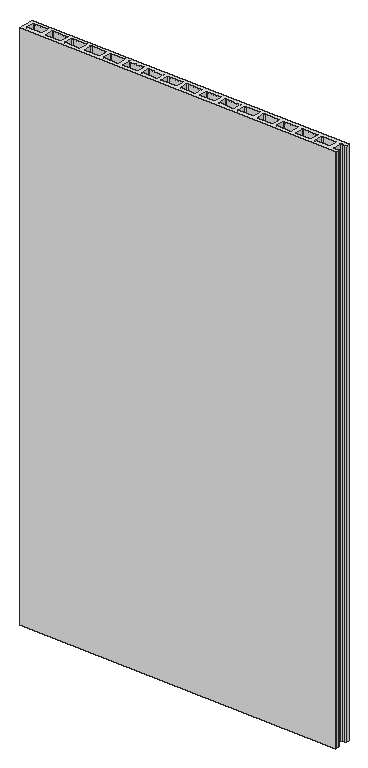
Revit family "ECP_MNH-60120A(オス側カット)", category 一般モデル, Revit 2022
Family settings
  鉄筋をホスト可能 = いいえ
  丸型コネクタ寸法 = 直径を使用
  パーツ タイプ = 標準
  作業面ベース = いいえ
  常に垂直 = はい
  ロード時にボイドで切り取り = はい
  注釈の向きを維持 = いいえ
  共有 = いいえ
  部屋計算ポイント = いいえ
Parameters (values of type "ECP_MNH-60100A")
  長さ [instance] = 2000 mm
  穴表示 = yes
  材質 = 40Msr_ECP
  既定の高さ = 0 mm
  既存長さ = 1200 mm
  幅 [instance] = 1185 mm
  固定寸法 = 1185 mm
  厚さ = 60 mm
  オース側カット [instance] = 固定寸法 - 幅  # 0 mm
  4 オス側カット [instance] = yes
Reference planes
  plane 1 "中心(正面/背面)": y = 0
  plane 2: z = 0
  plane 3 "中心(左/右)": x = 0
  plane 4: y = -30
  plane 5: y = 30
  plane 6: z = 2000
  plane 7: x = 1185
  plane 8: x = 0
Forms (mm)
  Extrusion 1, solid, material "40Msr_ECP" <- "材質", detail levels fine
    sketch origin (0, 0, 0) x (1, 0, 0) y (0, 1, 0)
      loop
        line (0, -28) -> (2, -30) -> (1183, -30) -> (1185, -28) -> (1185, -19)
        arc (1185, -19) -> (1184.121, -16.879) -> (1182, -16) r 3
        line (1182, -16) -> (1168, -16)
        arc (1168, -16) -> (1165.879, -15.121) -> (1165, -13) r 3
        line (1165, -13) -> (1165, 13)
        arc (1165, 13) -> (1165.879, 15.121) -> (1168, 16) r 3
        line (1168, 16) -> (1182, 16)
        arc (1182, 16) -> (1184.121, 16.879) -> (1185, 19) r 3
        line (1185, 19) -> (1185, 28) -> (1183, 30) -> (2, 30) -> (0, 28) -> (0, 16)
        arc (0, 16) -> (-0.879, 13.879) -> (-3, 13) r 3
        line (-3, 13) -> (-22, 13)
        arc (-22, 13) -> (-24.121, 12.121) -> (-25, 10) r 3
        line (-25, 10) -> (-25, -10)
        arc (-25, -10) -> (-24.121, -12.121) -> (-22, -13) r 3
        line (-22, -13) -> (-3, -13)
        arc (-3, -13) -> (-0.879, -13.879) -> (0, -16) r 3
        line (0, -16) -> (0, -28)
    from 0 to 2000
  Extrusion 2, void
    sketch origin (-50, 0, 0) x (1, 0, 0) y (0, 1, 0)
      loop
        line (25, -30) -> (50, -30) -> (50, 30) -> (25, 30) -> (25, -30)
    from 0 to 2000
  Extrusion 3, void
    sketch origin (-617, 0, 0) x (1, 0, 0) y (0, 1, 0)
      loop
        line (635, -16) -> (685.5, -16)
        arc (685.5, -16) -> (687.622, -15.121) -> (688.5, -13) r 3
        line (688.5, -13) -> (688.5, 13)
        arc (688.5, 13) -> (687.622, 15.121) -> (685.5, 16) r 3
        line (685.5, 16) -> (635, 16)
        arc (635, 16) -> (632.879, 15.121) -> (632, 13) r 3
        line (632, 13) -> (632, -13)
        arc (632, -13) -> (632.879, -15.121) -> (635, -16) r 3
      loop
        line (705.5, -16) -> (757.5, -16)
        arc (757.5, -16) -> (759.622, -15.121) -> (760.5, -13) r 3
        line (760.5, -13) -> (760.5, 13)
        arc (760.5, 13) -> (759.622, 15.121) -> (757.5, 16) r 3
        line (757.5, 16) -> (705.5, 16)
        arc (705.5, 16) -> (703.379, 15.121) -> (702.5, 13) r 3
        line (702.5, 13) -> (702.5, -13)
        arc (702.5, -13) -> (703.379, -15.121) -> (705.5, -16) r 3
      loop
        line (777.5, -16) -> (829.5, -16)
        arc (829.5, -16) -> (831.622, -15.121) -> (832.5, -13) r 3
        line (832.5, -13) -> (832.5, 13)
        arc (832.5, 13) -> (831.622, 15.121) -> (829.5, 16) r 3
        line (829.5, 16) -> (777.5, 16)
        arc (777.5, 16) -> (775.379, 15.121) -> (774.5, 13) r 3
        line (774.5, 13) -> (774.5, -13)
        arc (774.5, -13) -> (775.379, -15.121) -> (777.5, -16) r 3
      loop
        line (849.5, -16) -> (901.5, -16)
        arc (901.5, -16) -> (903.622, -15.121) -> (904.5, -13) r 3
        line (904.5, -13) -> (904.5, 13)
        arc (904.5, 13) -> (903.622, 15.121) -> (901.5, 16) r 3
        line (901.5, 16) -> (849.5, 16)
        arc (849.5, 16) -> (847.379, 15.121) -> (846.5, 13) r 3
        line (846.5, 13) -> (846.5, -13)
        arc (846.5, -13) -> (847.379, -15.121) -> (849.5, -16) r 3
      loop
        line (921.5, -16) -> (973.5, -16)
        arc (973.5, -16) -> (975.622, -15.121) -> (976.5, -13) r 3
        line (976.5, -13) -> (976.5, 13)
        arc (976.5, 13) -> (975.622, 15.121) -> (973.5, 16) r 3
        line (973.5, 16) -> (921.5, 16)
        arc (921.5, 16) -> (919.379, 15.121) -> (918.5, 13) r 3
        line (918.5, 13) -> (918.5, -13)
        arc (918.5, -13) -> (919.379, -15.121) -> (921.5, -16) r 3
      loop
        line (993.5, -16) -> (1045.5, -16)
        arc (1045.5, -16) -> (1047.622, -15.121) -> (1048.5, -13) r 3
        line (1048.5, -13) -> (1048.5, 13)
        arc (1048.5, 13) -> (1047.622, 15.121) -> (1045.5, 16) r 3
        line (1045.5, 16) -> (993.5, 16)
        arc (993.5, 16) -> (991.379, 15.121) -> (990.5, 13) r 3
        line (990.5, 13) -> (990.5, -13)
        arc (990.5, -13) -> (991.379, -15.121) -> (993.5, -16) r 3
      loop
        line (1065.5, -16) -> (1117.5, -16)
        arc (1117.5, -16) -> (1119.622, -15.121) -> (1120.5, -13) r 3
        line (1120.5, -13) -> (1120.5, 13)
        arc (1120.5, 13) -> (1119.622, 15.121) -> (1117.5, 16) r 3
        line (1117.5, 16) -> (1065.5, 16)
        arc (1065.5, 16) -> (1063.379, 15.121) -> (1062.5, 13) r 3
        line (1062.5, 13) -> (1062.5, -13)
        arc (1062.5, -13) -> (1063.379, -15.121) -> (1065.5, -16) r 3
      loop
        line (1137.5, -16) -> (1189.5, -16)
        arc (1189.5, -16) -> (1191.622, -15.121) -> (1192.5, -13) r 3
        line (1192.5, -13) -> (1192.5, 13)
        arc (1192.5, 13) -> (1191.622, 15.121) -> (1189.5, 16) r 3
        line (1189.5, 16) -> (1137.5, 16)
        arc (1137.5, 16) -> (1135.379, 15.121) -> (1134.5, 13) r 3
        line (1134.5, 13) -> (1134.5, -13)
        arc (1134.5, -13) -> (1135.379, -15.121) -> (1137.5, -16) r 3
      loop
        arc (1209.5, 16) -> (1207.379, 15.121) -> (1206.5, 13) r 3
        line (1206.5, 13) -> (1206.5, -13)
        arc (1206.5, -13) -> (1207.379, -15.121) -> (1209.5, -16) r 3
        line (1209.5, -16) -> (1261.5, -16)
        arc (1261.5, -16) -> (1263.622, -15.121) -> (1264.5, -13) r 3
        line (1264.5, -13) -> (1264.5, 13)
        arc (1264.5, 13) -> (1263.622, 15.121) -> (1261.5, 16) r 3
        line (1261.5, 16) -> (1209.5, 16)
      loop
        arc (1281.5, 16) -> (1279.379, 15.121) -> (1278.5, 13) r 3
        line (1278.5, 13) -> (1278.5, -13)
        arc (1278.5, -13) -> (1279.379, -15.121) -> (1281.5, -16) r 3
        line (1281.5, -16) -> (1333.5, -16)
        arc (1333.5, -16) -> (1335.622, -15.121) -> (1336.5, -13) r 3
        line (1336.5, -13) -> (1336.5, 13)
        arc (1336.5, 13) -> (1335.622, 15.121) -> (1333.5, 16) r 3
        line (1333.5, 16) -> (1281.5, 16)
      loop
        arc (1353.5, 16) -> (1351.379, 15.121) -> (1350.5, 13) r 3
        line (1350.5, 13) -> (1350.5, -13)
        arc (1350.5, -13) -> (1351.379, -15.121) -> (1353.5, -16) r 3
        line (1353.5, -16) -> (1405.5, -16)
        arc (1405.5, -16) -> (1407.622, -15.121) -> (1408.5, -13) r 3
        line (1408.5, -13) -> (1408.5, 13)
        arc (1408.5, 13) -> (1407.622, 15.121) -> (1405.5, 16) r 3
        line (1405.5, 16) -> (1353.5, 16)
      loop
        arc (1425.5, 16) -> (1423.379, 15.121) -> (1422.5, 13) r 3
        line (1422.5, 13) -> (1422.5, -13)
        arc (1422.5, -13) -> (1423.379, -15.121) -> (1425.5, -16) r 3
        line (1425.5, -16) -> (1477.5, -16)
        arc (1477.5, -16) -> (1479.622, -15.121) -> (1480.5, -13) r 3
        line (1480.5, -13) -> (1480.5, 13)
        arc (1480.5, 13) -> (1479.622, 15.121) -> (1477.5, 16) r 3
        line (1477.5, 16) -> (1425.5, 16)
      loop
        arc (1497.5, 16) -> (1495.379, 15.121) -> (1494.5, 13) r 3
        line (1494.5, 13) -> (1494.5, -13)
        arc (1494.5, -13) -> (1495.379, -15.121) -> (1497.5, -16) r 3
        line (1497.5, -16) -> (1549.5, -16)
        arc (1549.5, -16) -> (1551.622, -15.121) -> (1552.5, -13) r 3
        line (1552.5, -13) -> (1552.5, 13)
        arc (1552.5, 13) -> (1551.622, 15.121) -> (1549.5, 16) r 3
        line (1549.5, 16) -> (1497.5, 16)
      loop
        arc (1569.5, 16) -> (1567.379, 15.121) -> (1566.5, 13) r 3
        line (1566.5, 13) -> (1566.5, -13)
        arc (1566.5, -13) -> (1567.379, -15.121) -> (1569.5, -16) r 3
        line (1569.5, -16) -> (1621.5, -16)
        arc (1621.5, -16) -> (1623.622, -15.121) -> (1624.5, -13) r 3
        line (1624.5, -13) -> (1624.5, 13)
        arc (1624.5, 13) -> (1623.622, 15.121) -> (1621.5, 16) r 3
        line (1621.5, 16) -> (1569.5, 16)
      loop
        arc (1641.5, 16) -> (1639.379, 15.121) -> (1638.5, 13) r 3
        line (1638.5, 13) -> (1638.5, -13)
        arc (1638.5, -13) -> (1639.379, -15.121) -> (1641.5, -16) r 3
        line (1641.5, -16) -> (1693.5, -16)
        arc (1693.5, -16) -> (1695.622, -15.121) -> (1696.5, -13) r 3
        line (1696.5, -13) -> (1696.5, 13)
        arc (1696.5, 13) -> (1695.622, 15.121) -> (1693.5, 16) r 3
        line (1693.5, 16) -> (1641.5, 16)
      loop
        arc (1713.5, 16) -> (1711.379, 15.121) -> (1710.5, 13) r 3
        line (1710.5, 13) -> (1710.5, -13)
        arc (1710.5, -13) -> (1711.379, -15.121) -> (1713.5, -16) r 3
        line (1713.5, -16) -> (1764, -16)
        arc (1764, -16) -> (1766.122, -15.121) -> (1767, -13) r 3
        line (1767, -13) -> (1767, 13)
        arc (1767, 13) -> (1766.122, 15.121) -> (1764, 16) r 3
        line (1764, 16) -> (1713.5, 16)
    from 0 to 2000
Cuts and joins
  Extrusion 2, Extrusion 3 cuts Extrusion 1
Lines and regions (mm)
  symbolic lines, style "ECPパネル", detail levels coarse+medium
    curve 1: line (0, 30, 0) -> (1185, 30, 0)
    curve 2: line (0, -30, 0) -> (0, 30, 0)
    curve 3: line (1185, -30, 0) -> (0, -30, 0)
    curve 4: line (1185, 30, 0) -> (1185, -30, 0)
    curve 5: line (0, 0, 0) -> (1185, 0, 0)
    curve 6: line (0, 0, 2000) -> (0, 0, 0)
    curve 7: line (1185, 0, 2000) -> (0, 0, 2000)
    curve 8: line (1185, 0, 0) -> (1185, 0, 2000)
    curve 9: line (0, -30, 2000) -> (0, 30, 2000)
    curve 10: line (0, -30, 0) -> (0, -30, 2000)
    curve 11: line (0, 30, 0) -> (0, -30, 0)
    curve 12: line (0, 30, 2000) -> (0, 30, 0)
Dimensions and locks
  "厚さ": plane 4 to plane 5
  "長さ": plane 6 to level
  equal spacing: plane 4, plane 1 "中心(正面/背面)", plane 5
  "長さ": cut or joined group of Extrusion 1, Extrusion 2, Extrusion 3 to level
  "長さ": Extrusion 2 to level
  "幅": cut or joined group of Extrusion 1, Extrusion 2, Extrusion 3 to curve 8
  "長さ": level to Extrusion 3
  "オース側カット": plane 3 "中心(左/右)" to Extrusion 2 sketch curve
  "固定寸法": plane 3 "中心(左/右)" to cut or joined group of Extrusion 1, Extrusion 2, Extrusion 3
  "幅": plane 8 to plane 7
  aligned and locked: level to plane 2
Automatic sketch dimensions
  curve 11 to level = 0 mm
  curve 11 to plane 4 = 0 mm
  curve 11 to plane 5 = 0 mm
  curve 10 to plane 6 = 0 mm
  curve 7 to plane 3 "中心(左/右)" = 0 mm
  curve 7 to plane 6 = 0 mm
  curve 8 to level = 0 mm
  Extrusion 1 sketch curve to plane 3 "中心(左/右)" = 0 mm  (x2)
  plane 5 to Extrusion 1 sketch curve = 0 mm
  plane 4 to Extrusion 1 sketch curve = 0 mm
  Extrusion 1 sketch curve to Extrusion 1 sketch curve = 3 mm  (x3)
  Extrusion 1 sketch curve to plane 3 "中心(左/右)" = 3 mm  (x2)
  plane 3 "中心(左/右)" to Extrusion 1 sketch curve = 2 mm  (x2)
  plane 1 "中心(正面/背面)" to Extrusion 1 sketch curve = 13 mm
  Extrusion 1 sketch curve to Extrusion 1 sketch curve = 1163 mm
  Extrusion 1 sketch curve to Extrusion 1 sketch curve = 14 mm  (x2)
  Extrusion 1 sketch curve to Extrusion 1 sketch curve = 1 mm  (x2)
  Extrusion 1 sketch curve to Extrusion 1 sketch curve = 2 mm  (x2)
  Extrusion 1 sketch curve to plane 4 = 2 mm  (x2)
  Extrusion 1 sketch curve to plane 4 = 14 mm
  Extrusion 1 sketch curve to plane 1 "中心(正面/背面)" = 10 mm
  Extrusion 1 sketch curve to plane 1 "中心(正面/背面)" = 13 mm
  plane 5 to Extrusion 1 sketch curve = 2 mm  (x2)
  Extrusion 1 sketch curve to Extrusion 1 sketch curve = 19 mm  (x2)
  plane 4 to Extrusion 2 sketch curve = 0 mm
  plane 5 to Extrusion 2 sketch curve = 0 mm
  Extrusion 2 sketch curve to plane 3 "中心(左/右)" = 25 mm
  plane 3 "中心(左/右)" to Extrusion 3 sketch curve = 15 mm
  Extrusion 3 sketch curve to Extrusion 3 sketch curve = 3 mm  (x48)
  plane 5 to Extrusion 3 sketch curve = 14 mm  (x8)
  Extrusion 3 sketch curve to Extrusion 3 sketch curve = 50.5 mm
  Extrusion 3 sketch curve to Extrusion 3 sketch curve = 0 mm  (x16)
  Extrusion 3 sketch curve to Extrusion 3 sketch curve = 14 mm  (x15)
  Extrusion 3 sketch curve to Extrusion 3 sketch curve = 52 mm  (x14)
  Extrusion 3 sketch curve to plane 4 = 14 mm  (x15)
  plane 1 "中心(正面/背面)" to Extrusion 3 sketch curve = 13 mm
  Extrusion 3 sketch curve to plane 7 = 38 mm
  Extrusion 3 sketch curve to plane 1 "中心(正面/背面)" = 13 mm  (x8)
  plane 4 to curve 3 = 0 mm
  curve 3 to plane 8 = 0 mm
  curve 3 to plane 7 = 0 mm
  plane 5 to curve 2 = 0 mm
